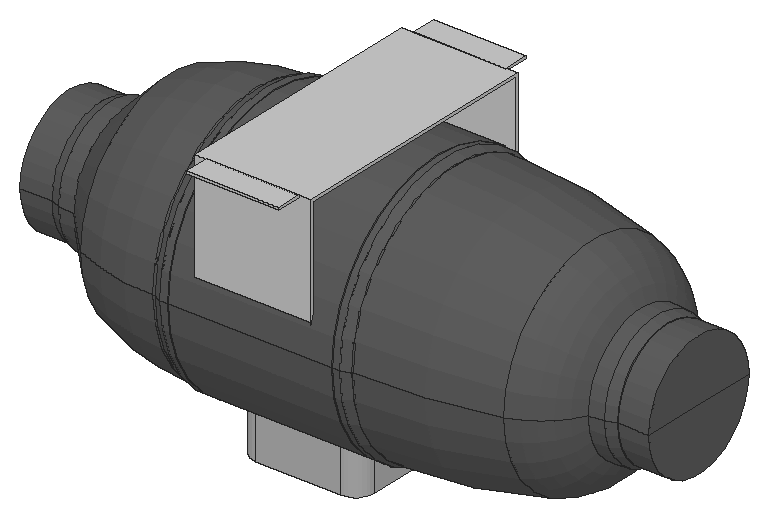
Revit family "AVS100", category Mechanical Equipment, Revit 2023
Family settings
  Round Connector Dimension = Use Diameter
  Classification = None
  Part Type = Breaks Into
  OmniClass Number = 23.75.35.17.11
  OmniClass Title = Fans for Air Ductwork
  Work Plane-Based = No
  Always vertical = No
  Cut with Voids When Loaded = No
  Maintain Annotation Orientation = No
  Shared = No
  Room Calculation Point = No
Parameters (values of type "Aventa Silent AVS100")
  Weight = 4.60 kg
  Voltage = 230 V
  URL = "https://www.airflow.com/"
  Type Comments = "Inline fan single speed up to 170m3/h"
  Transported Air Temperature (°C) = "-25...+60"
  RPM (min-1) = 2630
  R1 = D1 / 2  # 107 mm
  Protection rating = "IPX4"
  Power Factor = 1
  Number of Poles = 1
  Noise Level at 3 m (dBa) = 29
  Mounting Hanger [instance] = yes
  Maintenance Zone Length Calc = if(Maintenance Zone Length < L, L, Maintenance Zone Length)  # 600 mm
  L27 = 6 mm
  L26 = 8 mm
  L25 = L21 - L22 - L23 - L24 - L26 - L27  # 110 mm
  L24 = 39 mm
  L21 = 184 mm
  L17 = 6 mm
  L16 = 8 mm
  L15 = L11 - L12 - L13 - L14 - L16 - L17  # 70 mm
  L14 = 34 mm
  L11 = 139 mm
  HangerW = 93 mm
  HangerL1 = 208 mm
  HangerL = 208 mm
  HangerH = HangerBaseH  # 113 mm
  HangerExtraL = yes
  HangerBaseH = 113 mm
  Model = "Aventa Silent AVS100"
  Manufacturer = "Airflow"
  Maintenance Zone Width = 600 mm
  Maintenance Zone Material = Maintenance Zone
  Maintenance Zone Length = 600 mm
  Maintenance Zone Height = 600 mm
  Maintenance Zone [instance] = no
  Load Classification = HVAC
  L23 = 13 mm
  L22 = 8 mm
  L2 = 25 mm
  L13 = 13 mm
  L12 = 8 mm
  L1 = 25 mm
  L = 505 mm
  Hanger Material = Metal Zinc
  Flow direction symbol [instance] = yes
  Flow Factor [instance] = 1  # constant formula
  Family Version = "1.0"  # constant formula
  ElBoxW = 116 mm
  ElBoxR = 15 mm  # constant formula
  ElBoxL = 98 mm
  ElBoxH = 124 mm
  Distribution Box Material = Distribution Box Dark Grey
  Description = "In line mixed flow fan suitable for domestic and light commercial facilities"
  Default Elevation = 0 mm
  Dd26 = 54 mm
  Dd24 = 39 mm
  Dd22 = 3 mm
  Dd23 = 4 mm
  Dd16 = 54 mm
  Dd14 = 39 mm
  Dd13 = 4 mm
  Dd12 = 3 mm
  D1 = 214 mm
  D = 100 mm
  Copyright = "©Airflow"
  Duct Connection Size = 100 mm
  Fan Material = Metal Black
  Maximum Air Flow = 240 m³/h
  Air Flow [instance] = 0 m³/h
  Power = 26 W
  Current = 0.11 A
  Apparent Power = Power / Power Factor  # 26 VA
Reference planes
  plane 1 "Center (Front/Back)": y = 0
  plane 2: z = 0
  plane 3 "Center (Left/Right)": x = 0
  plane 4: y = 50
  plane 5: y = -50
  plane 6: y = 107
  plane 7: y = -107
  plane 8: x = 505
  plane 9 "C": x = 296
  plane 10: x = 164
  plane 11 "CenterL": x = 252.5
  plane 12: x = 25
  plane 13: x = 158
  plane 14: y = 53
  plane 15 "CenterOfCentralPart": x = 230
  plane 16: y = 58
  plane 17: y = -58
  plane 18: x = 181
  plane 19: x = 279
  plane 20 "ElBoxHeight": z = -124
  plane 21 "HangerHeight": z = 113
  plane 22: y = 54
  plane 23: y = 89
  plane 24: x = 80
  plane 25: x = 46
  plane 26: x = 33
  plane 27: x = 150
  plane 28: y = 104
  plane 29: x = 151
  plane 30: x = 302
  plane 31: y = 53
  plane 32: y = 54
  plane 33: y = 89
  plane 34: x = 420
  plane 35: x = 459
  plane 36: x = 472
  plane 37: x = 310
  plane 38: y = 104
  plane 39: x = 309
  plane 40: x = 480
Forms (mm)
  Revolve 1, solid, material "Metal Black" <- "Fan Material", detail levels medium+fine
    sketch origin (368, 0, 0) x (1, 0, 0) y (0, 1, 0)
      loop
        line (-343, 0) -> (-204, 0) -> (-204, 107) -> (-210, 107) -> (-217, 104) -> (-218, 104)
        arc (-218, 104) -> (-253.795, 100.208) -> (-288, 89) r 170.833
        arc (-288, 89) -> (-305.815, 72.292) -> (-322, 54) r 262.467
        line (-322, 54) -> (-335, 53) -> (-343, 50) -> (-343, 0)
      axis (-204, 0) -> (-343, 0)
    angle from 0 to 360
  Revolve 2, solid, material "Metal Black" <- "Fan Material", detail levels medium+fine
    sketch origin (368, 0, 0) x (1, 0, 0) y (0, 1, 0)
      loop
        line (112, 50) -> (112, 0) -> (137, 0) -> (137, 50) -> (112, 50)
      axis (137, 0) -> (112, 0)
    angle from 0 to 360
  Revolve 3, solid, material "Metal Black" <- "Fan Material", detail levels medium+fine
    sketch origin (368, 0, 0) x (1, 0, 0) y (0, 1, 0)
      loop
        line (-368, 50) -> (-368, 0) -> (-343, 0) -> (-343, 50) -> (-368, 50)
      axis (-343, 0) -> (-368, 0)
    angle from 0 to 360
  Revolve 4, solid, material "Metal Black" <- "Fan Material", detail levels medium+fine
    sketch origin (0, 0, 0) x (1, 0, 0) y (0, 1, 0)
      loop
        line (164, 107) -> (164, 0) -> (296, 0) -> (296, 107) -> (164, 107)
      axis (164, 0) -> (296, 0)
    angle from 0 to 360
  Extrusion 5, solid, material "Distribution Box Dark Grey" <- "Distribution Box Material", detail levels medium+fine
    sketch origin (0, 0, 0) x (1, 0, 0) y (0, 1, 0)
      loop
        arc (196, 58) -> (185.393, 53.607) -> (181, 43) r 15
        line (181, 43) -> (181, -43)
        arc (181, -43) -> (185.393, -53.607) -> (196, -58) r 15
        line (196, -58) -> (264, -58)
        arc (264, -58) -> (274.607, -53.607) -> (279, -43) r 15
        line (279, -43) -> (279, 43)
        arc (279, 43) -> (274.607, 53.607) -> (264, 58) r 15
        line (264, 58) -> (196, 58)
    from 0 to -124
  Revolve 6, solid, material "Metal Black" <- "Fan Material", detail levels medium+fine
    sketch origin (117, 0, 0) x (-1, 0, 0) y (0, 1, 0)
      loop
        line (-363, 0) -> (-179, 0) -> (-179, 107) -> (-185, 107) -> (-192, 104) -> (-193, 104)
        arc (-193, 104) -> (-248.509, 100.233) -> (-303, 89) r 410.833
        arc (-303, 89) -> (-326.601, 76.069) -> (-342, 54) r 58.978
        line (-342, 54) -> (-355, 53) -> (-363, 50) -> (-363, 0)
      axis (-179, 0) -> (-363, 0)
    angle from 0 to 360
Cuts and joins
  joined: Revolve 1, Revolve 3
Dimensions and locks
  equal spacing: plane 4, plane 1 "Center (Front/Back)", plane 5
  "D": plane 4 to plane 5
  equal spacing: plane 7, plane 1 "Center (Front/Back)", plane 6
  "D1": plane 6 to plane 7
  "L": plane 3 "Center (Left/Right)" to plane 8
  equal spacing: plane 3 "Center (Left/Right)", plane 11 "CenterL", plane 8
  "L1": plane 3 "Center (Left/Right)" to plane 12
  "Dd12": plane 14 to plane 4
  equal spacing: plane 10, plane 15 "CenterOfCentralPart", plane 9 "C"
  equal spacing: plane 17, plane 1 "Center (Front/Back)", plane 16
  "ElBoxW": plane 16 to plane 17
  equal spacing: plane 18, plane 15 "CenterOfCentralPart", plane 19
  "ElBoxL": plane 18 to plane 19
  "ElBoxH": level to plane 20 "ElBoxHeight"
  "HangerBaseH": plane 21 "HangerHeight" to level
  "Dd13": plane 22 to plane 4
  "Dd14": plane 23 to plane 4
  "L11": plane 12 to plane 10
  "L12": plane 12 to plane 26
  "L13": plane 26 to plane 25
  "L14": plane 25 to plane 24
  "L17": plane 13 to plane 10
  "L16": plane 27 to plane 13
  "Dd16": plane 28 to plane 4
  locked: plane 27 to plane 29 at 1
  "L23": plane 36 to plane 35
  "L24": plane 35 to plane 34
  "L26": plane 37 to plane 30
  locked: plane 37 to plane 39 at 1
  "L2": plane 40 to plane 8
  "L21": plane 9 "C" to plane 40
  "L22": plane 36 to plane 40
  "L27": plane 9 "C" to plane 30
  "Dd22": plane 31 to plane 4
  "Dd23": plane 32 to plane 4
  "Dd24": plane 33 to plane 4
  "Dd26": plane 38 to plane 4
  "ElBoxR": radius of Extrusion 5 sketch curve  (x4)
  aligned and locked: level to plane 2
  aligned and locked: Revolve 2 sketch curve to plane 4
  aligned and locked: Revolve 2 sketch curve to plane 8
  aligned and locked: Revolve 2 sketch curve to plane 1 "Center (Front/Back)"
  aligned and locked: Revolve 3 sketch curve to plane 4
  aligned and locked: Revolve 3 sketch curve to plane 1 "Center (Front/Back)"
  aligned and locked: plane 3 "Center (Left/Right)" to Revolve 3 sketch curve
  aligned and locked: plane 1 "Center (Front/Back)" to nested 1
  aligned and locked: nested 2 to level
  aligned and locked: plane 1 "Center (Front/Back)" to nested 3
  aligned and locked: nested 3 to plane 3 "Center (Left/Right)"
  aligned and locked: plane 1 "Center (Front/Back)" to nested 4
  aligned and locked: Revolve 4 sketch curve to plane 6
  aligned and locked: Revolve 4 sketch curve to nested 4
  aligned and locked: Revolve 4 sketch curve to Revolve 4 sketch curve  (x2)
  aligned and locked: plane 11 "CenterL" to nested 4
  aligned and locked: Revolve 4 sketch curve to plane 9 "C"
  aligned and locked: plane 15 "CenterOfCentralPart" to nested 1
  aligned and locked: Extrusion 5 sketch curve to plane 16
  aligned and locked: plane 18 to Extrusion 5 sketch curve
  aligned and locked: plane 17 to Extrusion 5 sketch curve
  aligned and locked: Extrusion 5 sketch curve to plane 19
  aligned and locked: Extrusion 5 to plane 20 "ElBoxHeight"
  aligned and locked: plane 15 "CenterOfCentralPart" to nested 2
  aligned and locked: nested 5 to plane 1 "Center (Front/Back)"
  aligned and locked: plane 15 "CenterOfCentralPart" to nested 5
  aligned and locked: Revolve 1 sketch curve to plane 1 "Center (Front/Back)"
  aligned and locked: plane 4 to Revolve 1 sketch curve
  aligned and locked: plane 1 "Center (Front/Back)" to Revolve 1 sketch curve
  aligned and locked: Revolve 1 sketch curve to plane 6
  aligned and locked: plane 29 to Revolve 1 sketch curve
  aligned and locked: plane 28 to Revolve 1 sketch curve
  aligned and locked: Revolve 6 sketch curve to plane 39
  aligned and locked: Revolve 6 sketch curve to plane 38
  aligned and locked: Revolve 2 to plane 40
Automatic sketch dimensions
  plane 1 "Center (Front/Back)" to Revolve 2 sketch curve = 0 mm
  Revolve 2 sketch curve to plane 8 = 25 mm
  Revolve 2 sketch curve to plane 3 "Center (Left/Right)" = 1632 mm
  Revolve 2 sketch curve to Revolve 2 sketch curve = 2138 mm
  plane 1 "Center (Front/Back)" to Revolve 3 sketch curve = 0 mm
  Revolve 3 sketch curve to plane 12 = 0 mm
  Revolve 3 sketch curve to plane 3 "Center (Left/Right)" = 1646 mm
  plane 8 to Revolve 3 sketch curve = 2149 mm
  Revolve 4 sketch curve to plane 10 = 0 mm
  Revolve 4 sketch curve to plane 11 "CenterL" = 0 mm
  Revolve 1 sketch curve to plane 12 = 0 mm
  Revolve 1 sketch curve to plane 14 = 0 mm
  Revolve 1 sketch curve to plane 26 = 0 mm
  Revolve 1 sketch curve to plane 22 = 0 mm
  Revolve 1 sketch curve to plane 25 = 0 mm
  Revolve 1 sketch curve to plane 23 = 0 mm
  Revolve 1 sketch curve to plane 24 = 0 mm
  Revolve 1 sketch curve to plane 27 = 0 mm
  Revolve 1 sketch curve to plane 13 = 0 mm
  Revolve 1 sketch curve to plane 10 = 0 mm
  Revolve 1 sketch curve to plane 11 "CenterL" = 2.053 mm
  Revolve 1 sketch curve to plane 3 "Center (Left/Right)" = 2000 mm
  plane 8 to Revolve 1 sketch curve = 1495 mm
  plane 1 "Center (Front/Back)" to Revolve 6 sketch curve = 0 mm  (x2)
  Revolve 6 sketch curve to plane 40 = 0 mm
  Revolve 6 sketch curve to plane 31 = 0 mm
  Revolve 6 sketch curve to plane 36 = 0 mm
  Revolve 6 sketch curve to plane 32 = 0 mm
  Revolve 6 sketch curve to plane 35 = 0 mm
  Revolve 6 sketch curve to plane 33 = 0 mm  (x2)
  Revolve 6 sketch curve to plane 34 = 0 mm
  Revolve 6 sketch curve to plane 37 = 0 mm
  Revolve 6 sketch curve to plane 6 = 0 mm
  Revolve 6 sketch curve to plane 30 = 0 mm
  Revolve 6 sketch curve to plane 9 "C" = 0 mm
  Revolve 6 sketch curve to plane 4 = 0 mm
  Revolve 6 sketch curve to plane 8 = 1980 mm
  plane 3 "Center (Left/Right)" to Revolve 6 sketch curve = 1515 mm
Nested families
  nested 1: "GraphicalSymbol_Fun_FlowDirection" at (230, 0, 0), visible <- "Flow direction symbol", type "GraphicalSymbol_Fun_FlowDirection", detail levels medium+fine
    with Length 50 mm, Height 50 mm, B 25 mm, A 16.667 mm
  nested 2: "GraphicalSymbol_Fun_FlowDirection" at (230, 0, 0) x (1, 0, 0) z (0, -1, 0), type "GraphicalSymbol_Fun_FlowDirection"
    with Length 50 mm, Height 50 mm, B 25 mm, A 16.667 mm
  nested 3: "GraphicalSymbol_Fan_1" at (252.5, 0, 0), type "GraphicalSymbol_Fan_1", detail levels coarse
    with Diameter 505 mm, A 126.25 mm
  nested 4: "MaintenanceZone_Rect" at (252.5, 0, 0), visible <- "Maintenance Zone", type "MaintenanceZone_Rect", detail levels medium+fine
    with Maintenance Zone Width 600 mm, Maintenance Zone Length 600 mm, Maintenance Zone Height 600 mm
  nested 5: "MountingHanger" at (230, 0, 113) x (0, 1, 0) z (0, 0, -1), visible <- "Mounting Hanger", type "MountingHanger", detail levels medium+fine
    with Width1 74.4 mm, Width 93 mm, Length2 248 mm, Length 208 mm, Lenght1Calc 207.5 mm, Length1 208 mm, Height 113 mm, ExtraLength yes
Connectors
  hvac at (0, 0, 0), driven by "Duct Connection Size", driven by "Air Flow"
    settings: on cut or joined group of Revolve 1, Revolve 3, index 4, duct flow 0 m³/h, flow factor 0, pres drop 0.0 Pa, loss coef 0, conn angle 0.00°, conn width 304.8 mm, conn height 304.8 mm, conn diameter 100 mm, duct sys type 29, conn prof type 0, flow config 0, flow direction 0, loss method 0, conn ref index 5, conn util no, is conn primary yes, conn desc ""
  hvac at (505, 0, 0), driven by "Duct Connection Size"
    settings: on Revolve 2, index 5, duct flow 0 m³/h, flow factor 0, pres drop 0.0 Pa, loss coef 0, conn angle 0.00°, conn width 304.8 mm, conn height 304.8 mm, conn diameter 100 mm, duct sys type 28, conn prof type 0, flow config 0, flow direction 0, loss method 0, conn ref index 4, conn util no, is conn primary no, conn desc ""
  electrical at (230, 0, -124), driven by "Number of Poles", driven by "Load Classification", driven by "Voltage", driven by "Apparent Power", driven by "Power Factor"
    settings: on Extrusion 5, index 6, voltage 230 V, apparent load 26 VA, apparent load phase1 0 VA, apparent load phase2 0 VA, apparent load phase3 0 VA, power factor 1, load classification "HVAC", number of poles 1, system type 30, power factor state 1, is connector primary yes, connector utility no, sub classification motor no, connector description ""
Definition of nested family "MaintenanceZone_Rect"
  Parameters (values of type "MaintenanceZone_Rect")
    Maintenance Zone Width = 500 mm
    Material = none
    Maintenance Zone Length = 1000 mm
    Maintenance Zone Height = 300 mm
    Family Version = ""
    Default Elevation = 1219.2 mm
    Copyright = ""
  Reference planes
    plane 1 "Center (Front/Back)": y = 0
    plane 2: z = 0
    plane 3 "Center (Left/Right)": x = 0
    plane 4: x = -500
    plane 5: x = 500
    plane 6: y = 250
    plane 7: y = -250
    plane 8: z = -300
  Forms (mm)
    Extrusion 1, solid, material <- "Material", detail levels medium+fine
      sketch origin (0, 0, 0) x (1, 0, 0) y (0, 1, 0)
        loop
          line (-500, 250) -> (-500, -250) -> (500, -250) -> (500, 250) -> (-500, 250)
      from 0 to -300
  Lines and regions (mm)
    symbolic lines, detail levels medium+fine
      curve 1: line (-500, 0, 0) -> (500, 0, 0)
      curve 2: line (-500, 0, -300) -> (-500, 0, 0)
      curve 3: line (500, 0, -300) -> (-500, 0, -300)
      curve 4: line (500, 0, 0) -> (500, 0, -300)
      curve 5: line (0, 250, 0) -> (0, -250, 0)
      curve 6: line (0, 250, -300) -> (0, 250, 0)
      curve 7: line (0, -250, -300) -> (0, 250, -300)
      curve 8: line (0, -250, 0) -> (0, -250, -300)
      curve 9: line (-500, 250, 0) -> (500, 250, 0)
      curve 10: line (-500, -250, 0) -> (-500, 250, 0)
      curve 11: line (500, -250, 0) -> (-500, -250, 0)
      curve 12: line (500, 250, 0) -> (500, -250, 0)
  Dimensions and locks
    equal spacing: plane 6, plane 1 "Center (Front/Back)", plane 7
    equal spacing: plane 4, plane 3 "Center (Left/Right)", plane 5
    "Maintenance Zone Width": plane 6 to plane 7
    "Maintenance Zone Length": plane 4 to plane 5
    "Maintenance Zone Height": plane 2 to plane 8
    aligned and locked: level to plane 2
    aligned and locked: Extrusion 1 sketch curve to plane 6
    aligned and locked: plane 4 to Extrusion 1 sketch curve
    aligned and locked: plane 7 to Extrusion 1 sketch curve
    aligned and locked: Extrusion 1 sketch curve to plane 5
    aligned and locked: Extrusion 1 to plane 8
    aligned and locked: curve 1 to Extrusion 1
    aligned and locked: curve 2 to Extrusion 1
    aligned and locked: curve 3 to Extrusion 1
    aligned and locked: curve 4 to Extrusion 1
    aligned and locked: curve 5 to Extrusion 1
    aligned and locked: curve 6 to Extrusion 1
    aligned and locked: curve 7 to Extrusion 1
    aligned and locked: curve 8 to Extrusion 1
    aligned and locked: curve 9 to Extrusion 1
    aligned and locked: curve 10 to Extrusion 1
    aligned and locked: curve 11 to Extrusion 1
    aligned and locked: curve 12 to Extrusion 1
Definition of nested family "MountingHanger"
  Parameters (values of type "MountingHanger")
    Width1 = Width * 0.8  # 160 mm
    Width = 200 mm
    Thikness = 2 mm
    Material = none
    Length2 = Length + 20 mm * 2  # 518 mm
    Length = 478 mm
    Lenght1Calc = if(Length1 = Length, Length - 0.5 mm, Length1)  # 396 mm
    Length1 = 396 mm
    Height1 = 10 mm
    Height = 219 mm
    ExtraLength = no
    Default Elevation = 1219.2 mm
  Reference planes
    plane 1 "Center (Front/Back)": y = 0
    plane 2: z = 0
    plane 3 "Center (Left/Right)": x = 0
    plane 4: x = -239
    plane 5: x = 239
    plane 6: y = 100
    plane 7: y = -100
    plane 8: z = 219
    plane 9: x = -198
    plane 10: x = 198
    plane 11: z = 209
    plane 12: y = 80
    plane 13: y = -80
    plane 14: x = -259
    plane 15: x = 259
    plane 16: x = -239
    plane 17: x = 239
  Forms (mm)
    Extrusion 1, solid, material <- "Material"
      sketch origin (0, 0, 0) x (1, 0, 0) y (0, 0, 1)
        loop
          line (-198, 209) -> (-239, 0) -> (239, 0) -> (198, 209) -> (198, 219) -> (196, 219) -> (196, 208.806) -> (236.57, 2) -> (-236.57, 2) -> (-196, 208.806) -> (-196, 219) -> (-198, 219) -> (-198, 209)
      from -100 to 100
    Extrusion 2, solid, material <- "Material", visible <- "ExtraLength"
      sketch origin (0, 0, 0) x (1, 0, 0) y (0, 1, 0)
        loop
          line (-259, 80) -> (-259, -80) -> (-239, -80) -> (-239, 80) -> (-259, 80)
        loop
          line (239, 80) -> (239, -80) -> (259, -80) -> (259, 80) -> (239, 80)
      from 0 to 2
  Dimensions and locks
    equal spacing: plane 4, plane 3 "Center (Left/Right)", plane 5
    "Length": plane 4 to plane 5
    plane 8 to level = 219 mm
    equal spacing: plane 6, plane 1 "Center (Front/Back)", plane 7
    "Width": plane 6 to plane 7
    "Height": plane 8 to level
    "Thikness": Extrusion 1 sketch curve to level
    "Thikness": Extrusion 1 sketch curve to Extrusion 1 sketch curve  (x2)
    "Thikness": Extrusion 1 sketch curve to plane 9
    "Thikness": plane 10 to Extrusion 1 sketch curve
    equal spacing: plane 9, plane 3 "Center (Left/Right)", plane 10
    "Lenght1Calc": plane 9 to plane 10
    "Height1": plane 8 to plane 11
    equal spacing: plane 12, plane 1 "Center (Front/Back)", plane 13
    "Width1": plane 12 to plane 13
    equal spacing: plane 14, plane 3 "Center (Left/Right)", plane 15
    "Length2": plane 14 to plane 15
    "Thikness": Extrusion 2 to level
    equal spacing: plane 16, plane 3 "Center (Left/Right)", plane 17
    "Length": plane 16 to plane 17
    aligned and locked: level to plane 2
    aligned and locked: plane 6 to Extrusion 1
    aligned and locked: Extrusion 1 to plane 7
    aligned and locked: plane 9 to Extrusion 1 sketch curve
    aligned and locked: plane 10 to Extrusion 1 sketch curve
    aligned and locked: Extrusion 2 sketch curve to plane 12  (x2)
    aligned and locked: plane 14 to Extrusion 2 sketch curve
    aligned and locked: plane 13 to Extrusion 2 sketch curve  (x2)
    aligned and locked: Extrusion 2 sketch curve to plane 16
    aligned and locked: plane 17 to Extrusion 2 sketch curve
    aligned and locked: Extrusion 2 sketch curve to plane 15
  Automatic sketch dimensions
    Extrusion 1 sketch curve to level = 0 mm
    Extrusion 1 sketch curve to plane 4 = 0 mm
    Extrusion 1 sketch curve to plane 5 = 0 mm
    Extrusion 1 sketch curve to plane 11 = 0 mm  (x2)
    Extrusion 1 sketch curve to plane 8 = 0 mm  (x2)
Definition of nested family "GraphicalSymbol_Fun_FlowDirection"
  Parameters (values of type "GraphicalSymbol_Fun_FlowDirection")
    Length = 100 mm
    Height = Length  # 100 mm
    B = Length / 2  # 50 mm
    A = Length / 3  # 33.333 mm
  Reference planes
    plane 1 "Center (Front/Back)": y = 0
    plane 2: z = 0
    plane 3 "Center (Left/Right)": x = 0
    plane 4: x = -33.333
    plane 5: x = 50
    plane 6: y = 50
    plane 7: y = -50
  Lines and regions (mm)
    detail lines, in view "Ref. Level"
      curve 1: line (-33.333, 50, 0) -> (-33.333, -50, 0)
      curve 2: line (50, 0, 0) -> (-33.333, -50, 0)
      curve 3: line (50, 0, 0) -> (-33.333, 50, 0)
  Dimensions and locks
    "A": plane 4 to plane 3 "Center (Left/Right)"
    "B": plane 3 "Center (Left/Right)" to plane 5
    equal spacing: plane 6, plane 1 "Center (Front/Back)", plane 7
    "Height": plane 6 to plane 7
    aligned and locked: curve 1 to plane 4
  Automatic sketch dimensions
    plane 1 "Center (Front/Back)" to curve 3 = 0 mm
    curve 3 to plane 5 = 0 mm
    curve 2 to plane 7 = 0 mm
    curve 3 to plane 6 = 0 mm
Definition of nested family "GraphicalSymbol_Fan_1"
  Parameters (values of type "GraphicalSymbol_Fan_1")
    Diameter = 100 mm
    Default Elevation = 1219.2 mm
    A = Diameter / 4  # 25 mm
  Reference planes
    plane 1 "Center (Front/Back)": y = 0
    plane 2: z = 0
    plane 3 "Center (Left/Right)": x = 0
    plane 4: x = -25
  Lines and regions (mm)
    model lines
      curve 1: circle (0, 0, 0) r 50 normal (0, 0, 1)
      curve 4: line (-25, 43.301, 0) -> (-25, -43.301, 0)
      curve 5: line (-25, 43.301, 0) -> (50, 0, 0)
      curve 6: line (-25, -43.301, 0) -> (50, 0, 0)
    reference lines
      curve 2: line (50, 141.389, 0) -> (50, -158.611, 0)
      curve 3: line (-50, 141.389, 0) -> (-50, -158.611, 0)
  Dimensions and locks
    equal spacing: curve 3, plane 3 "Center (Left/Right)", curve 2
    "Diameter": curve 3 to curve 2
    "A": plane 4 to plane 3 "Center (Left/Right)"
    "Diameter": diameter of curve 1
    aligned and locked: level to plane 2
  Automatic sketch dimensions
    curve 4 to plane 4 = 0 mm
    plane 1 "Center (Front/Back)" to curve 1 = 0 mm
    curve 1 to plane 3 "Center (Left/Right)" = 0 mm
    plane 1 "Center (Front/Back)" to curve 6 = 0 mm
    plane 1 "Center (Front/Back)" to curve 2 = 158.611 mm
    curve 3 to curve 2 = 0 mm  (x2)
    curve 3 to plane 1 "Center (Front/Back)" = 141.389 mm
